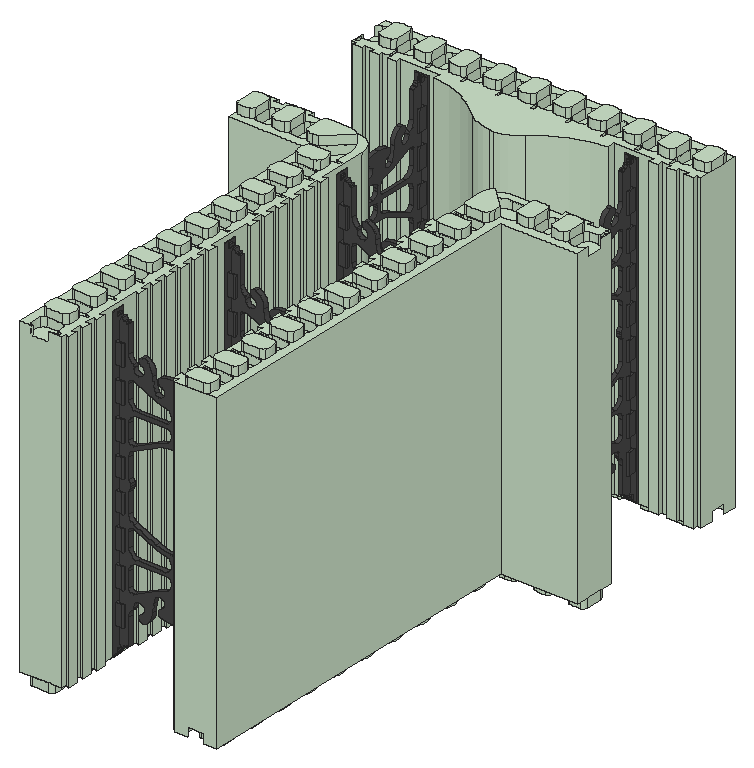
Revit family
Parameters (values of type "6-inch Long T Form Unit")
  URL = "www.nudura.com"
  Overall Form Thickness = 0' - 11 1/4"
  Model = "6-inch Long T Form Unit"
  Manufacturer = "NUDURA Corporation"
  Concrete Core Thickness = 0' - 6"
Reference planes (in)
  plane 1 "Center (Front/Back)": y = 0
  plane 2: z = 0
  plane 3 "Center (Left/Right)": x = 0
  plane 4: y = 3
  plane 5: y = -3
  plane 6: x = 3
  plane 7: x = -3
  plane 8: z = 18
Forms (in)
  Extrusion 1, solid, material "EPS- NUDURA- Foam Panel"
    sketch origin (0, 0, 0) x (1, 0, 0) y (0, 1, 0)
      loop
        line (10, 5.625) -> (-10, 5.625) -> (-10, 3.25) -> (-9.71883, 3.25) -> (-9.78117, 3) -> (-9.21883, 3) -> (-9.28117, 3.25) -> (-8.71883, 3.25) -> (-8.78117, 3) -> (-8.21883, 3) -> (-8.28117, 3.25) -> (-7.71883, 3.25) -> (-7.78117, 3) -> (-7.21883, 3) -> (-7.28117, 3.25) -> (-5, 3.25) -> (-5, 2.875)
        arc (-5, 2.875) -> (-3.12304, 2.37468) -> (-1.50918, 1.29358) r 5.91797
        arc (-1.50918, 1.29358) -> (-0.87575, 0.89086) -> (-0.13847, 0.75) r 2
        line (-0.13847, 0.75) -> (0.13847, 0.75)
        arc (0.13847, 0.75) -> (0.87575, 0.89086) -> (1.50918, 1.29358) r 2
        arc (1.50918, 1.29358) -> (3.12304, 2.37468) -> (5, 2.875) r 5.91797
        line (5, 2.875) -> (5, 3.25) -> (7.28117, 3.25) -> (7.21883, 3) -> (7.78117, 3) -> (7.71883, 3.25) -> (8.28117, 3.25) -> (8.21883, 3) -> (8.78117, 3) -> (8.71883, 3.25) -> (9.28117, 3.25) -> (9.21883, 3) -> (9.78117, 3) -> (9.71883, 3.25) -> (10, 3.25) -> (10, 5.625)
      loop
        line (-3.25, -25.99998) -> (-3.25, -25.71882) -> (-3, -25.78115) -> (-3, -25.21882) -> (-3.25, -25.28115) -> (-3.25, -24.71882) -> (-3, -24.78115) -> (-3, -24.21882) -> (-3.25, -24.28115) -> (-3.25, -23.71882) -> (-3, -23.78115) -> (-3, -23.21882) -> (-3.25, -23.28115) -> (-3.25, -20.71882) -> (-3, -20.78115) -> (-3, -20.21882) -> (-3.25, -20.28115) -> (-3.25, -19.71882) -> (-3, -19.78115) -> (-3, -19.21882) -> (-3.25, -19.28115) -> (-3.25, -18.71882) -> (-3, -18.78115) -> (-3, -18.21882) -> (-3.25, -18.28115) -> (-3.25, -17.71882) -> (-3, -17.78115) -> (-3, -17.21882) -> (-3.25, -17.28115) -> (-3.25, -16.71882) -> (-3, -16.78115) -> (-3, -16.21882) -> (-3.25, -16.28115) -> (-3.25, -15.71882) -> (-3, -15.78115) -> (-3, -15.21882) -> (-3.25, -15.28115) -> (-3.25, -12.71882) -> (-3, -12.78115) -> (-3, -12.21882) -> (-3.25, -12.28115) -> (-3.25, -11.71882) -> (-3, -11.78115) -> (-3, -11.21882) -> (-3.25, -11.28115) -> (-3.25, -10.71882) -> (-3, -10.78115) -> (-3, -10.21882) -> (-3.25, -10.28115) -> (-3.25, -9.71882) -> (-3, -9.78115) -> (-3, -9.21882) -> (-3.25, -9.28115) -> (-3.25, -8.71882) -> (-3, -8.78115) -> (-3, -8.21882) -> (-3.25, -8.28115) -> (-3.25, -7.71882) -> (-3, -7.78115) -> (-3, -7.21882) -> (-3.25, -7.28115) -> (-3.25, -4.49998)
        arc (-3.25, -4.49998) -> (-3.61612, -3.6161) -> (-4.5, -3.24998) r 1.25
        line (-4.5, -3.24998) -> (-7.28117, -3.24998) -> (-7.21883, -2.99998) -> (-7.78117, -2.99998) -> (-7.71883, -3.24998) -> (-8.28117, -3.24998) -> (-8.21883, -2.99998) -> (-8.78117, -2.99998) -> (-8.71883, -3.24998) -> (-9.28117, -3.24998) -> (-9.21883, -2.99998) -> (-9.78117, -2.99998) -> (-9.71883, -3.24998) -> (-10, -3.24998) -> (-10, -5.62498) -> (-5.625, -5.62498) -> (-5.625, -25.99998) -> (-3.25, -25.99998)
      loop
        line (3.25, -25.99998) -> (5.625, -25.99998) -> (5.625, -5.62498) -> (10, -5.62498) -> (10, -3.24998) -> (9.71883, -3.24998) -> (9.78117, -2.99998) -> (9.21883, -2.99998) -> (9.28117, -3.24998) -> (8.71883, -3.24998) -> (8.78117, -2.99998) -> (8.21883, -2.99998) -> (8.28117, -3.24998) -> (7.71883, -3.24998) -> (7.78117, -2.99998) -> (7.21883, -2.99998) -> (7.28117, -3.24998) -> (4.5, -3.24998)
        arc (4.5, -3.24998) -> (3.61612, -3.6161) -> (3.25, -4.49998) r 1.25
        line (3.25, -4.49998) -> (3.25, -7.28115) -> (3, -7.21882) -> (3, -7.78115) -> (3.25, -7.71882) -> (3.25, -8.28115) -> (3, -8.21882) -> (3, -8.78115) -> (3.25, -8.71882) -> (3.25, -9.28115) -> (3, -9.21882) -> (3, -9.78115) -> (3.25, -9.71882) -> (3.25, -10.28115) -> (3, -10.21882) -> (3, -10.78115) -> (3.25, -10.71882) -> (3.25, -11.28115) -> (3, -11.21882) -> (3, -11.78115) -> (3.25, -11.71882) -> (3.25, -12.28115) -> (3, -12.21882) -> (3, -12.78115) -> (3.25, -12.71882) -> (3.25, -15.28115) -> (3, -15.21882) -> (3, -15.78115) -> (3.25, -15.71882) -> (3.25, -16.28115) -> (3, -16.21882) -> (3, -16.78115) -> (3.25, -16.71882) -> (3.25, -17.28115) -> (3, -17.21882) -> (3, -17.78115) -> (3.25, -17.71882) -> (3.25, -18.28115) -> (3, -18.21882) -> (3, -18.78115) -> (3.25, -18.71882) -> (3.25, -19.28115) -> (3, -19.21882) -> (3, -19.78115) -> (3.25, -19.71882) -> (3.25, -20.28115) -> (3, -20.21882) -> (3, -20.78115) -> (3.25, -20.71882) -> (3.25, -23.28115) -> (3, -23.21882) -> (3, -23.78115) -> (3.25, -23.71882) -> (3.25, -24.28115) -> (3, -24.21882) -> (3, -24.78115) -> (3.25, -24.71882) -> (3.25, -25.28115) -> (3, -25.21882) -> (3, -25.78115) -> (3.25, -25.71882) -> (3.25, -25.99998)
    from 0 to 18
  Extrusion 2, void
    sketch origin (0, 0, 0) x (1, 0, 0) y (0, 1, 0)
      loop
        arc (-5.13595, -25.17306) -> (-5.1875, -25.49998) -> (-5.13595, -25.8269) r 1.0625
        arc (-5.13595, -25.8269) -> (-5.04517, -25.95213) -> (-4.89808, -25.99998) r 0.25
        line (-4.89808, -25.99998) -> (-3.97692, -25.99998)
        arc (-3.97692, -25.99998) -> (-3.88568, -25.98274) -> (-3.80702, -25.93338) r 0.25
        arc (-3.80702, -25.93338) -> (-3.78736, -25.92104) -> (-3.76455, -25.91673) r 0.0625
        line (-3.76455, -25.91673) -> (-3.41845, -25.91673) -> (-3.41845, -25.7459) -> (-3.64005, -25.7459)
        arc (-3.64005, -25.7459) -> (-3.68771, -25.72383) -> (-3.70172, -25.67321) r 0.0625
        arc (-3.70172, -25.67321) -> (-3.69045, -25.4209) -> (-3.73905, -25.17306) r 1.0625
        arc (-3.73905, -25.17306) -> (-3.82983, -25.04783) -> (-3.97692, -24.99998) r 0.25
        line (-3.97692, -24.99998) -> (-4.89808, -24.99998)
        arc (-4.89808, -24.99998) -> (-5.04517, -25.04783) -> (-5.13595, -25.17306) r 0.25
    from 18 to 17.5
  Extrusion 3, void
    sketch origin (0, 2, 0) x (1, 0, 0) y (0, 1, 0)
      loop
        arc (-5.13595, -25.17306) -> (-5.1875, -25.49998) -> (-5.13595, -25.8269) r 1.0625
        arc (-5.13595, -25.8269) -> (-5.04517, -25.95213) -> (-4.89808, -25.99998) r 0.25
        line (-4.89808, -25.99998) -> (-3.97692, -25.99998)
        arc (-3.97692, -25.99998) -> (-3.88568, -25.98274) -> (-3.80702, -25.93338) r 0.25
        arc (-3.80702, -25.93338) -> (-3.78736, -25.92104) -> (-3.76455, -25.91673) r 0.0625
        line (-3.76455, -25.91673) -> (-3.41845, -25.91673) -> (-3.41845, -25.7459) -> (-3.64005, -25.7459)
        arc (-3.64005, -25.7459) -> (-3.68771, -25.72383) -> (-3.70172, -25.67321) r 0.0625
        arc (-3.70172, -25.67321) -> (-3.69045, -25.4209) -> (-3.73905, -25.17306) r 1.0625
        arc (-3.73905, -25.17306) -> (-3.82983, -25.04783) -> (-3.97692, -24.99998) r 0.25
        line (-3.97692, -24.99998) -> (-4.89808, -24.99998)
        arc (-4.89808, -24.99998) -> (-5.04517, -25.04783) -> (-5.13595, -25.17306) r 0.25
    from 18 to 17.5
  Extrusion 4, void
    sketch origin (0, 4, 0) x (1, 0, 0) y (0, 1, 0)
      loop
        arc (-5.13595, -25.17306) -> (-5.1875, -25.49998) -> (-5.13595, -25.8269) r 1.0625
        arc (-5.13595, -25.8269) -> (-5.04517, -25.95213) -> (-4.89808, -25.99998) r 0.25
        line (-4.89808, -25.99998) -> (-3.97692, -25.99998)
        arc (-3.97692, -25.99998) -> (-3.88568, -25.98274) -> (-3.80702, -25.93338) r 0.25
        arc (-3.80702, -25.93338) -> (-3.78736, -25.92104) -> (-3.76455, -25.91673) r 0.0625
        line (-3.76455, -25.91673) -> (-3.41845, -25.91673) -> (-3.41845, -25.7459) -> (-3.64005, -25.7459)
        arc (-3.64005, -25.7459) -> (-3.68771, -25.72383) -> (-3.70172, -25.67321) r 0.0625
        arc (-3.70172, -25.67321) -> (-3.69045, -25.4209) -> (-3.73905, -25.17306) r 1.0625
        arc (-3.73905, -25.17306) -> (-3.82983, -25.04783) -> (-3.97692, -24.99998) r 0.25
        line (-3.97692, -24.99998) -> (-4.89808, -24.99998)
        arc (-4.89808, -24.99998) -> (-5.04517, -25.04783) -> (-5.13595, -25.17306) r 0.25
    from 18 to 17.5
  Extrusion 5, void
    sketch origin (0, 6, 0) x (1, 0, 0) y (0, 1, 0)
      loop
        arc (-5.13595, -25.17306) -> (-5.1875, -25.49998) -> (-5.13595, -25.8269) r 1.0625
        arc (-5.13595, -25.8269) -> (-5.04517, -25.95213) -> (-4.89808, -25.99998) r 0.25
        line (-4.89808, -25.99998) -> (-3.97692, -25.99998)
        arc (-3.97692, -25.99998) -> (-3.88568, -25.98274) -> (-3.80702, -25.93338) r 0.25
        arc (-3.80702, -25.93338) -> (-3.78736, -25.92104) -> (-3.76455, -25.91673) r 0.0625
        line (-3.76455, -25.91673) -> (-3.41845, -25.91673) -> (-3.41845, -25.7459) -> (-3.64005, -25.7459)
        arc (-3.64005, -25.7459) -> (-3.68771, -25.72383) -> (-3.70172, -25.67321) r 0.0625
        arc (-3.70172, -25.67321) -> (-3.69045, -25.4209) -> (-3.73905, -25.17306) r 1.0625
        arc (-3.73905, -25.17306) -> (-3.82983, -25.04783) -> (-3.97692, -24.99998) r 0.25
        line (-3.97692, -24.99998) -> (-4.89808, -24.99998)
        arc (-4.89808, -24.99998) -> (-5.04517, -25.04783) -> (-5.13595, -25.17306) r 0.25
    from 18 to 17.5
  Extrusion 6, void
    sketch origin (0, 8, 0) x (1, 0, 0) y (0, 1, 0)
      loop
        arc (-5.13595, -25.17306) -> (-5.1875, -25.49998) -> (-5.13595, -25.8269) r 1.0625
        arc (-5.13595, -25.8269) -> (-5.04517, -25.95213) -> (-4.89808, -25.99998) r 0.25
        line (-4.89808, -25.99998) -> (-3.97692, -25.99998)
        arc (-3.97692, -25.99998) -> (-3.88568, -25.98274) -> (-3.80702, -25.93338) r 0.25
        arc (-3.80702, -25.93338) -> (-3.78736, -25.92104) -> (-3.76455, -25.91673) r 0.0625
        line (-3.76455, -25.91673) -> (-3.41845, -25.91673) -> (-3.41845, -25.7459) -> (-3.64005, -25.7459)
        arc (-3.64005, -25.7459) -> (-3.68771, -25.72383) -> (-3.70172, -25.67321) r 0.0625
        arc (-3.70172, -25.67321) -> (-3.69045, -25.4209) -> (-3.73905, -25.17306) r 1.0625
        arc (-3.73905, -25.17306) -> (-3.82983, -25.04783) -> (-3.97692, -24.99998) r 0.25
        line (-3.97692, -24.99998) -> (-4.89808, -24.99998)
        arc (-4.89808, -24.99998) -> (-5.04517, -25.04783) -> (-5.13595, -25.17306) r 0.25
    from 18 to 17.5
  Extrusion 7, void
    sketch origin (0, 10, 0) x (1, 0, 0) y (0, 1, 0)
      loop
        arc (-5.13595, -25.17306) -> (-5.1875, -25.49998) -> (-5.13595, -25.8269) r 1.0625
        arc (-5.13595, -25.8269) -> (-5.04517, -25.95213) -> (-4.89808, -25.99998) r 0.25
        line (-4.89808, -25.99998) -> (-3.97692, -25.99998)
        arc (-3.97692, -25.99998) -> (-3.88568, -25.98274) -> (-3.80702, -25.93338) r 0.25
        arc (-3.80702, -25.93338) -> (-3.78736, -25.92104) -> (-3.76455, -25.91673) r 0.0625
        line (-3.76455, -25.91673) -> (-3.41845, -25.91673) -> (-3.41845, -25.7459) -> (-3.64005, -25.7459)
        arc (-3.64005, -25.7459) -> (-3.68771, -25.72383) -> (-3.70172, -25.67321) r 0.0625
        arc (-3.70172, -25.67321) -> (-3.69045, -25.4209) -> (-3.73905, -25.17306) r 1.0625
        arc (-3.73905, -25.17306) -> (-3.82983, -25.04783) -> (-3.97692, -24.99998) r 0.25
        line (-3.97692, -24.99998) -> (-4.89808, -24.99998)
        arc (-4.89808, -24.99998) -> (-5.04517, -25.04783) -> (-5.13595, -25.17306) r 0.25
    from 18 to 17.5
  Extrusion 8, void
    sketch origin (0, 12, 0) x (1, 0, 0) y (0, 1, 0)
      loop
        arc (-5.13595, -25.17306) -> (-5.1875, -25.49998) -> (-5.13595, -25.8269) r 1.0625
        arc (-5.13595, -25.8269) -> (-5.04517, -25.95213) -> (-4.89808, -25.99998) r 0.25
        line (-4.89808, -25.99998) -> (-3.97692, -25.99998)
        arc (-3.97692, -25.99998) -> (-3.88568, -25.98274) -> (-3.80702, -25.93338) r 0.25
        arc (-3.80702, -25.93338) -> (-3.78736, -25.92104) -> (-3.76455, -25.91673) r 0.0625
        line (-3.76455, -25.91673) -> (-3.41845, -25.91673) -> (-3.41845, -25.7459) -> (-3.64005, -25.7459)
        arc (-3.64005, -25.7459) -> (-3.68771, -25.72383) -> (-3.70172, -25.67321) r 0.0625
        arc (-3.70172, -25.67321) -> (-3.69045, -25.4209) -> (-3.73905, -25.17306) r 1.0625
        arc (-3.73905, -25.17306) -> (-3.82983, -25.04783) -> (-3.97692, -24.99998) r 0.25
        line (-3.97692, -24.99998) -> (-4.89808, -24.99998)
        arc (-4.89808, -24.99998) -> (-5.04517, -25.04783) -> (-5.13595, -25.17306) r 0.25
    from 18 to 17.5
  Extrusion 9, void
    sketch origin (0, 14, 0) x (1, 0, 0) y (0, 1, 0)
      loop
        arc (-5.13595, -25.17306) -> (-5.1875, -25.49998) -> (-5.13595, -25.8269) r 1.0625
        arc (-5.13595, -25.8269) -> (-5.04517, -25.95213) -> (-4.89808, -25.99998) r 0.25
        line (-4.89808, -25.99998) -> (-3.97692, -25.99998)
        arc (-3.97692, -25.99998) -> (-3.88568, -25.98274) -> (-3.80702, -25.93338) r 0.25
        arc (-3.80702, -25.93338) -> (-3.78736, -25.92104) -> (-3.76455, -25.91673) r 0.0625
        line (-3.76455, -25.91673) -> (-3.41845, -25.91673) -> (-3.41845, -25.7459) -> (-3.64005, -25.7459)
        arc (-3.64005, -25.7459) -> (-3.68771, -25.72383) -> (-3.70172, -25.67321) r 0.0625
        arc (-3.70172, -25.67321) -> (-3.69045, -25.4209) -> (-3.73905, -25.17306) r 1.0625
        arc (-3.73905, -25.17306) -> (-3.82983, -25.04783) -> (-3.97692, -24.99998) r 0.25
        line (-3.97692, -24.99998) -> (-4.89808, -24.99998)
        arc (-4.89808, -24.99998) -> (-5.04517, -25.04783) -> (-5.13595, -25.17306) r 0.25
    from 18 to 17.5
  Extrusion 10, void
    sketch origin (0, 16, 0) x (1, 0, 0) y (0, 1, 0)
      loop
        arc (-5.13595, -25.17306) -> (-5.1875, -25.49998) -> (-5.13595, -25.8269) r 1.0625
        arc (-5.13595, -25.8269) -> (-5.04517, -25.95213) -> (-4.89808, -25.99998) r 0.25
        line (-4.89808, -25.99998) -> (-3.97692, -25.99998)
        arc (-3.97692, -25.99998) -> (-3.88568, -25.98274) -> (-3.80702, -25.93338) r 0.25
        arc (-3.80702, -25.93338) -> (-3.78736, -25.92104) -> (-3.76455, -25.91673) r 0.0625
        line (-3.76455, -25.91673) -> (-3.41845, -25.91673) -> (-3.41845, -25.7459) -> (-3.64005, -25.7459)
        arc (-3.64005, -25.7459) -> (-3.68771, -25.72383) -> (-3.70172, -25.67321) r 0.0625
        arc (-3.70172, -25.67321) -> (-3.69045, -25.4209) -> (-3.73905, -25.17306) r 1.0625
        arc (-3.73905, -25.17306) -> (-3.82983, -25.04783) -> (-3.97692, -24.99998) r 0.25
        line (-3.97692, -24.99998) -> (-4.89808, -24.99998)
        arc (-4.89808, -24.99998) -> (-5.04517, -25.04783) -> (-5.13595, -25.17306) r 0.25
    from 18 to 17.5
  Extrusion 11, void
    sketch origin (0, 18, 0) x (1, 0, 0) y (0, 1, 0)
      loop
        arc (-5.13595, -25.17306) -> (-5.1875, -25.49998) -> (-5.13595, -25.8269) r 1.0625
        arc (-5.13595, -25.8269) -> (-5.04517, -25.95213) -> (-4.89808, -25.99998) r 0.25
        line (-4.89808, -25.99998) -> (-3.97692, -25.99998)
        arc (-3.97692, -25.99998) -> (-3.88568, -25.98274) -> (-3.80702, -25.93338) r 0.25
        arc (-3.80702, -25.93338) -> (-3.78736, -25.92104) -> (-3.76455, -25.91673) r 0.0625
        line (-3.76455, -25.91673) -> (-3.41845, -25.91673) -> (-3.41845, -25.7459) -> (-3.64005, -25.7459)
        arc (-3.64005, -25.7459) -> (-3.68771, -25.72383) -> (-3.70172, -25.67321) r 0.0625
        arc (-3.70172, -25.67321) -> (-3.69045, -25.4209) -> (-3.73905, -25.17306) r 1.0625
        arc (-3.73905, -25.17306) -> (-3.82983, -25.04783) -> (-3.97692, -24.99998) r 0.25
        line (-3.97692, -24.99998) -> (-4.89808, -24.99998)
        arc (-4.89808, -24.99998) -> (-5.04517, -25.04783) -> (-5.13595, -25.17306) r 0.25
    from 18 to 17.5
  Extrusion 12, void
    sketch origin (0, 0, 0) x (1, 0, 0) y (0, 1, 0)
      loop
        line (-5.1875, -5.18748) -> (-5.1875, -5.49998)
        arc (-5.1875, -5.49998) -> (-5.17453, -5.66546) -> (-5.13595, -5.8269) r 1.0625
        arc (-5.13595, -5.8269) -> (-5.04517, -5.95213) -> (-4.89808, -5.99998) r 0.25
        line (-4.89808, -5.99998) -> (-3.97692, -5.99998)
        arc (-3.97692, -5.99998) -> (-3.88568, -5.98274) -> (-3.80702, -5.93338) r 0.25
        arc (-3.80702, -5.93338) -> (-3.78736, -5.92104) -> (-3.76455, -5.91673) r 0.0625
        line (-3.76455, -5.91673) -> (-3.41845, -5.91673) -> (-3.41845, -5.7459) -> (-3.64005, -5.7459)
        arc (-3.64005, -5.7459) -> (-3.68771, -5.72383) -> (-3.70172, -5.67321) r 0.0625
        arc (-3.70172, -5.67321) -> (-3.69106, -5.58689) -> (-3.6875, -5.49998) r 1.0625
        line (-3.6875, -5.49998) -> (-3.6875, -4.68748)
        arc (-3.6875, -4.68748) -> (-3.76362, -4.3048) -> (-3.98039, -3.98037) r 1
        line (-3.98039, -3.98037) -> (-5.1875, -5.18748)
    from 18 to 17.5
  Extrusion 13, void
    sketch origin (-31.99998, 0.00002, 0) x (0, 1, 0) y (-1, 0, 0)
      loop
        arc (-5.13595, -25.17306) -> (-5.1875, -25.49998) -> (-5.13595, -25.8269) r 1.0625
        arc (-5.13595, -25.8269) -> (-5.04517, -25.95213) -> (-4.89808, -25.99998) r 0.25
        line (-4.89808, -25.99998) -> (-3.97692, -25.99998)
        arc (-3.97692, -25.99998) -> (-3.88568, -25.98274) -> (-3.80702, -25.93338) r 0.25
        arc (-3.80702, -25.93338) -> (-3.78736, -25.92104) -> (-3.76455, -25.91673) r 0.0625
        line (-3.76455, -25.91673) -> (-3.41845, -25.91673) -> (-3.41845, -25.7459) -> (-3.64005, -25.7459)
        arc (-3.64005, -25.7459) -> (-3.68771, -25.72383) -> (-3.70172, -25.67321) r 0.0625
        arc (-3.70172, -25.67321) -> (-3.69045, -25.4209) -> (-3.73905, -25.17306) r 1.0625
        arc (-3.73905, -25.17306) -> (-3.82983, -25.04783) -> (-3.97692, -24.99998) r 0.25
        line (-3.97692, -24.99998) -> (-4.89808, -24.99998)
        arc (-4.89808, -24.99998) -> (-5.04517, -25.04783) -> (-5.13595, -25.17306) r 0.25
    from 18 to 17.5
  Extrusion 14, void
    sketch origin (-33.99998, 0.00002, 0) x (0, 1, 0) y (-1, 0, 0)
      loop
        arc (-5.13595, -25.17306) -> (-5.1875, -25.49998) -> (-5.13595, -25.8269) r 1.0625
        arc (-5.13595, -25.8269) -> (-5.04517, -25.95213) -> (-4.89808, -25.99998) r 0.25
        line (-4.89808, -25.99998) -> (-3.97692, -25.99998)
        arc (-3.97692, -25.99998) -> (-3.88568, -25.98274) -> (-3.80702, -25.93338) r 0.25
        arc (-3.80702, -25.93338) -> (-3.78736, -25.92104) -> (-3.76455, -25.91673) r 0.0625
        line (-3.76455, -25.91673) -> (-3.41845, -25.91673) -> (-3.41845, -25.7459) -> (-3.64005, -25.7459)
        arc (-3.64005, -25.7459) -> (-3.68771, -25.72383) -> (-3.70172, -25.67321) r 0.0625
        arc (-3.70172, -25.67321) -> (-3.69045, -25.4209) -> (-3.73905, -25.17306) r 1.0625
        arc (-3.73905, -25.17306) -> (-3.82983, -25.04783) -> (-3.97692, -24.99998) r 0.25
        line (-3.97692, -24.99998) -> (-4.89808, -24.99998)
        arc (-4.89808, -24.99998) -> (-5.04517, -25.04783) -> (-5.13595, -25.17306) r 0.25
    from 18 to 17.5
  Extrusion 15, void
    sketch origin (0, -49.99996, 0) x (1, 0, 0) y (0, 1, 0)
      loop
        arc (-5.13595, 25.17306) -> (-5.04517, 25.04783) -> (-4.89808, 24.99998) r 0.25
        line (-4.89808, 24.99998) -> (-3.97692, 24.99998)
        arc (-3.97692, 24.99998) -> (-3.82983, 25.04783) -> (-3.73905, 25.17306) r 0.25
        arc (-3.73905, 25.17306) -> (-3.69045, 25.4209) -> (-3.70172, 25.67321) r 1.0625
        arc (-3.70172, 25.67321) -> (-3.68771, 25.72383) -> (-3.64005, 25.7459) r 0.0625
        line (-3.64005, 25.7459) -> (-3.41845, 25.7459) -> (-3.41845, 25.91673) -> (-3.76455, 25.91673)
        arc (-3.76455, 25.91673) -> (-3.78736, 25.92104) -> (-3.80702, 25.93338) r 0.0625
        arc (-3.80702, 25.93338) -> (-3.88568, 25.98274) -> (-3.97692, 25.99998) r 0.25
        line (-3.97692, 25.99998) -> (-4.89808, 25.99998)
        arc (-4.89808, 25.99998) -> (-5.04517, 25.95213) -> (-5.13595, 25.8269) r 0.25
        arc (-5.13595, 25.8269) -> (-5.1875, 25.49998) -> (-5.13595, 25.17306) r 1.0625
    from 0 to 0.5
  Extrusion 16, void
    sketch origin (0, -47.99996, 0) x (1, 0, 0) y (0, 1, 0)
      loop
        arc (-5.13595, 25.17306) -> (-5.04517, 25.04783) -> (-4.89808, 24.99998) r 0.25
        line (-4.89808, 24.99998) -> (-3.97692, 24.99998)
        arc (-3.97692, 24.99998) -> (-3.82983, 25.04783) -> (-3.73905, 25.17306) r 0.25
        arc (-3.73905, 25.17306) -> (-3.69045, 25.4209) -> (-3.70172, 25.67321) r 1.0625
        arc (-3.70172, 25.67321) -> (-3.68771, 25.72383) -> (-3.64005, 25.7459) r 0.0625
        line (-3.64005, 25.7459) -> (-3.41845, 25.7459) -> (-3.41845, 25.91673) -> (-3.76455, 25.91673)
        arc (-3.76455, 25.91673) -> (-3.78736, 25.92104) -> (-3.80702, 25.93338) r 0.0625
        arc (-3.80702, 25.93338) -> (-3.88568, 25.98274) -> (-3.97692, 25.99998) r 0.25
        line (-3.97692, 25.99998) -> (-4.89808, 25.99998)
        arc (-4.89808, 25.99998) -> (-5.04517, 25.95213) -> (-5.13595, 25.8269) r 0.25
        arc (-5.13595, 25.8269) -> (-5.1875, 25.49998) -> (-5.13595, 25.17306) r 1.0625
    from 0 to 0.5
  Extrusion 17, void
    sketch origin (0, -45.99996, 0) x (1, 0, 0) y (0, 1, 0)
      loop
        arc (-5.13595, 25.17306) -> (-5.04517, 25.04783) -> (-4.89808, 24.99998) r 0.25
        line (-4.89808, 24.99998) -> (-3.97692, 24.99998)
        arc (-3.97692, 24.99998) -> (-3.82983, 25.04783) -> (-3.73905, 25.17306) r 0.25
        arc (-3.73905, 25.17306) -> (-3.69045, 25.4209) -> (-3.70172, 25.67321) r 1.0625
        arc (-3.70172, 25.67321) -> (-3.68771, 25.72383) -> (-3.64005, 25.7459) r 0.0625
        line (-3.64005, 25.7459) -> (-3.41845, 25.7459) -> (-3.41845, 25.91673) -> (-3.76455, 25.91673)
        arc (-3.76455, 25.91673) -> (-3.78736, 25.92104) -> (-3.80702, 25.93338) r 0.0625
        arc (-3.80702, 25.93338) -> (-3.88568, 25.98274) -> (-3.97692, 25.99998) r 0.25
        line (-3.97692, 25.99998) -> (-4.89808, 25.99998)
        arc (-4.89808, 25.99998) -> (-5.04517, 25.95213) -> (-5.13595, 25.8269) r 0.25
        arc (-5.13595, 25.8269) -> (-5.1875, 25.49998) -> (-5.13595, 25.17306) r 1.0625
    from 0 to 0.5
  Extrusion 18, void
    sketch origin (0, -43.99996, 0) x (1, 0, 0) y (0, 1, 0)
      loop
        arc (-5.13595, 25.17306) -> (-5.04517, 25.04783) -> (-4.89808, 24.99998) r 0.25
        line (-4.89808, 24.99998) -> (-3.97692, 24.99998)
        arc (-3.97692, 24.99998) -> (-3.82983, 25.04783) -> (-3.73905, 25.17306) r 0.25
        arc (-3.73905, 25.17306) -> (-3.69045, 25.4209) -> (-3.70172, 25.67321) r 1.0625
        arc (-3.70172, 25.67321) -> (-3.68771, 25.72383) -> (-3.64005, 25.7459) r 0.0625
        line (-3.64005, 25.7459) -> (-3.41845, 25.7459) -> (-3.41845, 25.91673) -> (-3.76455, 25.91673)
        arc (-3.76455, 25.91673) -> (-3.78736, 25.92104) -> (-3.80702, 25.93338) r 0.0625
        arc (-3.80702, 25.93338) -> (-3.88568, 25.98274) -> (-3.97692, 25.99998) r 0.25
        line (-3.97692, 25.99998) -> (-4.89808, 25.99998)
        arc (-4.89808, 25.99998) -> (-5.04517, 25.95213) -> (-5.13595, 25.8269) r 0.25
        arc (-5.13595, 25.8269) -> (-5.1875, 25.49998) -> (-5.13595, 25.17306) r 1.0625
    from 0 to 0.5
  Extrusion 19, void
    sketch origin (0, -41.99996, 0) x (1, 0, 0) y (0, 1, 0)
      loop
        arc (-5.13595, 25.17306) -> (-5.04517, 25.04783) -> (-4.89808, 24.99998) r 0.25
        line (-4.89808, 24.99998) -> (-3.97692, 24.99998)
        arc (-3.97692, 24.99998) -> (-3.82983, 25.04783) -> (-3.73905, 25.17306) r 0.25
        arc (-3.73905, 25.17306) -> (-3.69045, 25.4209) -> (-3.70172, 25.67321) r 1.0625
        arc (-3.70172, 25.67321) -> (-3.68771, 25.72383) -> (-3.64005, 25.7459) r 0.0625
        line (-3.64005, 25.7459) -> (-3.41845, 25.7459) -> (-3.41845, 25.91673) -> (-3.76455, 25.91673)
        arc (-3.76455, 25.91673) -> (-3.78736, 25.92104) -> (-3.80702, 25.93338) r 0.0625
        arc (-3.80702, 25.93338) -> (-3.88568, 25.98274) -> (-3.97692, 25.99998) r 0.25
        line (-3.97692, 25.99998) -> (-4.89808, 25.99998)
        arc (-4.89808, 25.99998) -> (-5.04517, 25.95213) -> (-5.13595, 25.8269) r 0.25
        arc (-5.13595, 25.8269) -> (-5.1875, 25.49998) -> (-5.13595, 25.17306) r 1.0625
    from 0 to 0.5
  Extrusion 20, void
    sketch origin (0, -39.99996, 0) x (1, 0, 0) y (0, 1, 0)
      loop
        arc (-5.13595, 25.17306) -> (-5.04517, 25.04783) -> (-4.89808, 24.99998) r 0.25
        line (-4.89808, 24.99998) -> (-3.97692, 24.99998)
        arc (-3.97692, 24.99998) -> (-3.82983, 25.04783) -> (-3.73905, 25.17306) r 0.25
        arc (-3.73905, 25.17306) -> (-3.69045, 25.4209) -> (-3.70172, 25.67321) r 1.0625
        arc (-3.70172, 25.67321) -> (-3.68771, 25.72383) -> (-3.64005, 25.7459) r 0.0625
        line (-3.64005, 25.7459) -> (-3.41845, 25.7459) -> (-3.41845, 25.91673) -> (-3.76455, 25.91673)
        arc (-3.76455, 25.91673) -> (-3.78736, 25.92104) -> (-3.80702, 25.93338) r 0.0625
        arc (-3.80702, 25.93338) -> (-3.88568, 25.98274) -> (-3.97692, 25.99998) r 0.25
        line (-3.97692, 25.99998) -> (-4.89808, 25.99998)
        arc (-4.89808, 25.99998) -> (-5.04517, 25.95213) -> (-5.13595, 25.8269) r 0.25
        arc (-5.13595, 25.8269) -> (-5.1875, 25.49998) -> (-5.13595, 25.17306) r 1.0625
    from 0 to 0.5
  Extrusion 21, void
    sketch origin (0, -37.99996, 0) x (1, 0, 0) y (0, 1, 0)
      loop
        arc (-5.13595, 25.17306) -> (-5.04517, 25.04783) -> (-4.89808, 24.99998) r 0.25
        line (-4.89808, 24.99998) -> (-3.97692, 24.99998)
        arc (-3.97692, 24.99998) -> (-3.82983, 25.04783) -> (-3.73905, 25.17306) r 0.25
        arc (-3.73905, 25.17306) -> (-3.69045, 25.4209) -> (-3.70172, 25.67321) r 1.0625
        arc (-3.70172, 25.67321) -> (-3.68771, 25.72383) -> (-3.64005, 25.7459) r 0.0625
        line (-3.64005, 25.7459) -> (-3.41845, 25.7459) -> (-3.41845, 25.91673) -> (-3.76455, 25.91673)
        arc (-3.76455, 25.91673) -> (-3.78736, 25.92104) -> (-3.80702, 25.93338) r 0.0625
        arc (-3.80702, 25.93338) -> (-3.88568, 25.98274) -> (-3.97692, 25.99998) r 0.25
        line (-3.97692, 25.99998) -> (-4.89808, 25.99998)
        arc (-4.89808, 25.99998) -> (-5.04517, 25.95213) -> (-5.13595, 25.8269) r 0.25
        arc (-5.13595, 25.8269) -> (-5.1875, 25.49998) -> (-5.13595, 25.17306) r 1.0625
    from 0 to 0.5
  Extrusion 22, void
    sketch origin (0, -35.99996, 0) x (1, 0, 0) y (0, 1, 0)
      loop
        arc (-5.13595, 25.17306) -> (-5.04517, 25.04783) -> (-4.89808, 24.99998) r 0.25
        line (-4.89808, 24.99998) -> (-3.97692, 24.99998)
        arc (-3.97692, 24.99998) -> (-3.82983, 25.04783) -> (-3.73905, 25.17306) r 0.25
        arc (-3.73905, 25.17306) -> (-3.69045, 25.4209) -> (-3.70172, 25.67321) r 1.0625
        arc (-3.70172, 25.67321) -> (-3.68771, 25.72383) -> (-3.64005, 25.7459) r 0.0625
        line (-3.64005, 25.7459) -> (-3.41845, 25.7459) -> (-3.41845, 25.91673) -> (-3.76455, 25.91673)
        arc (-3.76455, 25.91673) -> (-3.78736, 25.92104) -> (-3.80702, 25.93338) r 0.0625
        arc (-3.80702, 25.93338) -> (-3.88568, 25.98274) -> (-3.97692, 25.99998) r 0.25
        line (-3.97692, 25.99998) -> (-4.89808, 25.99998)
        arc (-4.89808, 25.99998) -> (-5.04517, 25.95213) -> (-5.13595, 25.8269) r 0.25
        arc (-5.13595, 25.8269) -> (-5.1875, 25.49998) -> (-5.13595, 25.17306) r 1.0625
    from 0 to 0.5
  Extrusion 23, void
    sketch origin (0, -33.99996, 0) x (1, 0, 0) y (0, 1, 0)
      loop
        arc (-5.13595, 25.17306) -> (-5.04517, 25.04783) -> (-4.89808, 24.99998) r 0.25
        line (-4.89808, 24.99998) -> (-3.97692, 24.99998)
        arc (-3.97692, 24.99998) -> (-3.82983, 25.04783) -> (-3.73905, 25.17306) r 0.25
        arc (-3.73905, 25.17306) -> (-3.69045, 25.4209) -> (-3.70172, 25.67321) r 1.0625
        arc (-3.70172, 25.67321) -> (-3.68771, 25.72383) -> (-3.64005, 25.7459) r 0.0625
        line (-3.64005, 25.7459) -> (-3.41845, 25.7459) -> (-3.41845, 25.91673) -> (-3.76455, 25.91673)
        arc (-3.76455, 25.91673) -> (-3.78736, 25.92104) -> (-3.80702, 25.93338) r 0.0625
        arc (-3.80702, 25.93338) -> (-3.88568, 25.98274) -> (-3.97692, 25.99998) r 0.25
        line (-3.97692, 25.99998) -> (-4.89808, 25.99998)
        arc (-4.89808, 25.99998) -> (-5.04517, 25.95213) -> (-5.13595, 25.8269) r 0.25
        arc (-5.13595, 25.8269) -> (-5.1875, 25.49998) -> (-5.13595, 25.17306) r 1.0625
    from 0 to 0.5
  Extrusion 24, void
    sketch origin (0, -31.99996, 0) x (1, 0, 0) y (0, 1, 0)
      loop
        arc (-5.13595, 25.17306) -> (-5.04517, 25.04783) -> (-4.89808, 24.99998) r 0.25
        line (-4.89808, 24.99998) -> (-3.97692, 24.99998)
        arc (-3.97692, 24.99998) -> (-3.82983, 25.04783) -> (-3.73905, 25.17306) r 0.25
        arc (-3.73905, 25.17306) -> (-3.69045, 25.4209) -> (-3.70172, 25.67321) r 1.0625
        arc (-3.70172, 25.67321) -> (-3.68771, 25.72383) -> (-3.64005, 25.7459) r 0.0625
        line (-3.64005, 25.7459) -> (-3.41845, 25.7459) -> (-3.41845, 25.91673) -> (-3.76455, 25.91673)
        arc (-3.76455, 25.91673) -> (-3.78736, 25.92104) -> (-3.80702, 25.93338) r 0.0625
        arc (-3.80702, 25.93338) -> (-3.88568, 25.98274) -> (-3.97692, 25.99998) r 0.25
        line (-3.97692, 25.99998) -> (-4.89808, 25.99998)
        arc (-4.89808, 25.99998) -> (-5.04517, 25.95213) -> (-5.13595, 25.8269) r 0.25
        arc (-5.13595, 25.8269) -> (-5.1875, 25.49998) -> (-5.13595, 25.17306) r 1.0625
    from 0 to 0.5
  Extrusion 25, void
    sketch origin (-0.00002, 0.00002, 0) x (0, 1, 0) y (-1, 0, 0)
      loop
        line (-5.1875, 5.18748) -> (-3.98039, 3.98037)
        arc (-3.98039, 3.98037) -> (-3.76362, 4.3048) -> (-3.6875, 4.68748) r 1
        line (-3.6875, 4.68748) -> (-3.6875, 5.49998)
        arc (-3.6875, 5.49998) -> (-3.69106, 5.58689) -> (-3.70172, 5.67321) r 1.0625
        arc (-3.70172, 5.67321) -> (-3.68771, 5.72383) -> (-3.64005, 5.7459) r 0.0625
        line (-3.64005, 5.7459) -> (-3.41845, 5.7459) -> (-3.41845, 5.91673) -> (-3.76455, 5.91673)
        arc (-3.76455, 5.91673) -> (-3.78736, 5.92104) -> (-3.80702, 5.93338) r 0.0625
        arc (-3.80702, 5.93338) -> (-3.88568, 5.98274) -> (-3.97692, 5.99998) r 0.25
        line (-3.97692, 5.99998) -> (-4.89808, 5.99998)
        arc (-4.89808, 5.99998) -> (-5.04517, 5.95213) -> (-5.13595, 5.8269) r 0.25
        arc (-5.13595, 5.8269) -> (-5.17453, 5.66546) -> (-5.1875, 5.49998) r 1.0625
        line (-5.1875, 5.49998) -> (-5.1875, 5.18748)
    from 0 to 0.5
  Extrusion 26, void
    sketch origin (17.99998, 0.00002, 0) x (0, 1, 0) y (-1, 0, 0)
      loop
        arc (-5.13595, 25.17306) -> (-5.04517, 25.04783) -> (-4.89808, 24.99998) r 0.25
        line (-4.89808, 24.99998) -> (-3.97692, 24.99998)
        arc (-3.97692, 24.99998) -> (-3.82983, 25.04783) -> (-3.73905, 25.17306) r 0.25
        arc (-3.73905, 25.17306) -> (-3.69045, 25.4209) -> (-3.70172, 25.67321) r 1.0625
        arc (-3.70172, 25.67321) -> (-3.68771, 25.72383) -> (-3.64005, 25.7459) r 0.0625
        line (-3.64005, 25.7459) -> (-3.41845, 25.7459) -> (-3.41845, 25.91673) -> (-3.76455, 25.91673)
        arc (-3.76455, 25.91673) -> (-3.78736, 25.92104) -> (-3.80702, 25.93338) r 0.0625
        arc (-3.80702, 25.93338) -> (-3.88568, 25.98274) -> (-3.97692, 25.99998) r 0.25
        line (-3.97692, 25.99998) -> (-4.89808, 25.99998)
        arc (-4.89808, 25.99998) -> (-5.04517, 25.95213) -> (-5.13595, 25.8269) r 0.25
        arc (-5.13595, 25.8269) -> (-5.1875, 25.49998) -> (-5.13595, 25.17306) r 1.0625
    from 0 to 0.5
  Extrusion 27, void
    sketch origin (15.99998, 0.00002, 0) x (0, 1, 0) y (-1, 0, 0)
      loop
        arc (-5.13595, 25.17306) -> (-5.04517, 25.04783) -> (-4.89808, 24.99998) r 0.25
        line (-4.89808, 24.99998) -> (-3.97692, 24.99998)
        arc (-3.97692, 24.99998) -> (-3.82983, 25.04783) -> (-3.73905, 25.17306) r 0.25
        arc (-3.73905, 25.17306) -> (-3.69045, 25.4209) -> (-3.70172, 25.67321) r 1.0625
        arc (-3.70172, 25.67321) -> (-3.68771, 25.72383) -> (-3.64005, 25.7459) r 0.0625
        line (-3.64005, 25.7459) -> (-3.41845, 25.7459) -> (-3.41845, 25.91673) -> (-3.76455, 25.91673)
        arc (-3.76455, 25.91673) -> (-3.78736, 25.92104) -> (-3.80702, 25.93338) r 0.0625
        arc (-3.80702, 25.93338) -> (-3.88568, 25.98274) -> (-3.97692, 25.99998) r 0.25
        line (-3.97692, 25.99998) -> (-4.89808, 25.99998)
        arc (-4.89808, 25.99998) -> (-5.04517, 25.95213) -> (-5.13595, 25.8269) r 0.25
        arc (-5.13595, 25.8269) -> (-5.1875, 25.49998) -> (-5.13595, 25.17306) r 1.0625
    from 0 to 0.5
  Extrusion 28, void
    sketch origin (0, -49.99996, 0) x (-1, 0, 0) y (0, -1, 0)
      loop
        arc (-5.13595, -25.17306) -> (-5.1875, -25.49998) -> (-5.13595, -25.8269) r 1.0625
        arc (-5.13595, -25.8269) -> (-5.04517, -25.95213) -> (-4.89808, -25.99998) r 0.25
        line (-4.89808, -25.99998) -> (-3.97692, -25.99998)
        arc (-3.97692, -25.99998) -> (-3.88568, -25.98274) -> (-3.80702, -25.93338) r 0.25
        arc (-3.80702, -25.93338) -> (-3.78736, -25.92104) -> (-3.76455, -25.91673) r 0.0625
        line (-3.76455, -25.91673) -> (-3.41845, -25.91673) -> (-3.41845, -25.7459) -> (-3.64005, -25.7459)
        arc (-3.64005, -25.7459) -> (-3.68771, -25.72383) -> (-3.70172, -25.67321) r 0.0625
        arc (-3.70172, -25.67321) -> (-3.69045, -25.4209) -> (-3.73905, -25.17306) r 1.0625
        arc (-3.73905, -25.17306) -> (-3.82983, -25.04783) -> (-3.97692, -24.99998) r 0.25
        line (-3.97692, -24.99998) -> (-4.89808, -24.99998)
        arc (-4.89808, -24.99998) -> (-5.04517, -25.04783) -> (-5.13595, -25.17306) r 0.25
    from 18 to 17.5
  Extrusion 29, void
    sketch origin (0, -47.99996, 0) x (-1, 0, 0) y (0, -1, 0)
      loop
        arc (-5.13595, -25.17306) -> (-5.1875, -25.49998) -> (-5.13595, -25.8269) r 1.0625
        arc (-5.13595, -25.8269) -> (-5.04517, -25.95213) -> (-4.89808, -25.99998) r 0.25
        line (-4.89808, -25.99998) -> (-3.97692, -25.99998)
        arc (-3.97692, -25.99998) -> (-3.88568, -25.98274) -> (-3.80702, -25.93338) r 0.25
        arc (-3.80702, -25.93338) -> (-3.78736, -25.92104) -> (-3.76455, -25.91673) r 0.0625
        line (-3.76455, -25.91673) -> (-3.41845, -25.91673) -> (-3.41845, -25.7459) -> (-3.64005, -25.7459)
        arc (-3.64005, -25.7459) -> (-3.68771, -25.72383) -> (-3.70172, -25.67321) r 0.0625
        arc (-3.70172, -25.67321) -> (-3.69045, -25.4209) -> (-3.73905, -25.17306) r 1.0625
        arc (-3.73905, -25.17306) -> (-3.82983, -25.04783) -> (-3.97692, -24.99998) r 0.25
        line (-3.97692, -24.99998) -> (-4.89808, -24.99998)
        arc (-4.89808, -24.99998) -> (-5.04517, -25.04783) -> (-5.13595, -25.17306) r 0.25
    from 18 to 17.5
  Extrusion 30, void
    sketch origin (0, -45.99996, 0) x (-1, 0, 0) y (0, -1, 0)
      loop
        arc (-5.13595, -25.17306) -> (-5.1875, -25.49998) -> (-5.13595, -25.8269) r 1.0625
        arc (-5.13595, -25.8269) -> (-5.04517, -25.95213) -> (-4.89808, -25.99998) r 0.25
        line (-4.89808, -25.99998) -> (-3.97692, -25.99998)
        arc (-3.97692, -25.99998) -> (-3.88568, -25.98274) -> (-3.80702, -25.93338) r 0.25
        arc (-3.80702, -25.93338) -> (-3.78736, -25.92104) -> (-3.76455, -25.91673) r 0.0625
        line (-3.76455, -25.91673) -> (-3.41845, -25.91673) -> (-3.41845, -25.7459) -> (-3.64005, -25.7459)
        arc (-3.64005, -25.7459) -> (-3.68771, -25.72383) -> (-3.70172, -25.67321) r 0.0625
        arc (-3.70172, -25.67321) -> (-3.69045, -25.4209) -> (-3.73905, -25.17306) r 1.0625
        arc (-3.73905, -25.17306) -> (-3.82983, -25.04783) -> (-3.97692, -24.99998) r 0.25
        line (-3.97692, -24.99998) -> (-4.89808, -24.99998)
        arc (-4.89808, -24.99998) -> (-5.04517, -25.04783) -> (-5.13595, -25.17306) r 0.25
    from 18 to 17.5
  Extrusion 31, void
    sketch origin (0, -43.99996, 0) x (-1, 0, 0) y (0, -1, 0)
      loop
        arc (-5.13595, -25.17306) -> (-5.1875, -25.49998) -> (-5.13595, -25.8269) r 1.0625
        arc (-5.13595, -25.8269) -> (-5.04517, -25.95213) -> (-4.89808, -25.99998) r 0.25
        line (-4.89808, -25.99998) -> (-3.97692, -25.99998)
        arc (-3.97692, -25.99998) -> (-3.88568, -25.98274) -> (-3.80702, -25.93338) r 0.25
        arc (-3.80702, -25.93338) -> (-3.78736, -25.92104) -> (-3.76455, -25.91673) r 0.0625
        line (-3.76455, -25.91673) -> (-3.41845, -25.91673) -> (-3.41845, -25.7459) -> (-3.64005, -25.7459)
        arc (-3.64005, -25.7459) -> (-3.68771, -25.72383) -> (-3.70172, -25.67321) r 0.0625
        arc (-3.70172, -25.67321) -> (-3.69045, -25.4209) -> (-3.73905, -25.17306) r 1.0625
        arc (-3.73905, -25.17306) -> (-3.82983, -25.04783) -> (-3.97692, -24.99998) r 0.25
        line (-3.97692, -24.99998) -> (-4.89808, -24.99998)
        arc (-4.89808, -24.99998) -> (-5.04517, -25.04783) -> (-5.13595, -25.17306) r 0.25
    from 18 to 17.5
  Extrusion 32, void
    sketch origin (0, -41.99996, 0) x (-1, 0, 0) y (0, -1, 0)
      loop
        arc (-5.13595, -25.17306) -> (-5.1875, -25.49998) -> (-5.13595, -25.8269) r 1.0625
        arc (-5.13595, -25.8269) -> (-5.04517, -25.95213) -> (-4.89808, -25.99998) r 0.25
        line (-4.89808, -25.99998) -> (-3.97692, -25.99998)
        arc (-3.97692, -25.99998) -> (-3.88568, -25.98274) -> (-3.80702, -25.93338) r 0.25
        arc (-3.80702, -25.93338) -> (-3.78736, -25.92104) -> (-3.76455, -25.91673) r 0.0625
        line (-3.76455, -25.91673) -> (-3.41845, -25.91673) -> (-3.41845, -25.7459) -> (-3.64005, -25.7459)
        arc (-3.64005, -25.7459) -> (-3.68771, -25.72383) -> (-3.70172, -25.67321) r 0.0625
        arc (-3.70172, -25.67321) -> (-3.69045, -25.4209) -> (-3.73905, -25.17306) r 1.0625
        arc (-3.73905, -25.17306) -> (-3.82983, -25.04783) -> (-3.97692, -24.99998) r 0.25
        line (-3.97692, -24.99998) -> (-4.89808, -24.99998)
        arc (-4.89808, -24.99998) -> (-5.04517, -25.04783) -> (-5.13595, -25.17306) r 0.25
    from 18 to 17.5
  Extrusion 33, void
    sketch origin (0, -39.99996, 0) x (-1, 0, 0) y (0, -1, 0)
      loop
        arc (-5.13595, -25.17306) -> (-5.1875, -25.49998) -> (-5.13595, -25.8269) r 1.0625
        arc (-5.13595, -25.8269) -> (-5.04517, -25.95213) -> (-4.89808, -25.99998) r 0.25
        line (-4.89808, -25.99998) -> (-3.97692, -25.99998)
        arc (-3.97692, -25.99998) -> (-3.88568, -25.98274) -> (-3.80702, -25.93338) r 0.25
        arc (-3.80702, -25.93338) -> (-3.78736, -25.92104) -> (-3.76455, -25.91673) r 0.0625
        line (-3.76455, -25.91673) -> (-3.41845, -25.91673) -> (-3.41845, -25.7459) -> (-3.64005, -25.7459)
        arc (-3.64005, -25.7459) -> (-3.68771, -25.72383) -> (-3.70172, -25.67321) r 0.0625
        arc (-3.70172, -25.67321) -> (-3.69045, -25.4209) -> (-3.73905, -25.17306) r 1.0625
        arc (-3.73905, -25.17306) -> (-3.82983, -25.04783) -> (-3.97692, -24.99998) r 0.25
        line (-3.97692, -24.99998) -> (-4.89808, -24.99998)
        arc (-4.89808, -24.99998) -> (-5.04517, -25.04783) -> (-5.13595, -25.17306) r 0.25
    from 18 to 17.5
  Extrusion 34, void
    sketch origin (0, -37.99996, 0) x (-1, 0, 0) y (0, -1, 0)
      loop
        arc (-5.13595, -25.17306) -> (-5.1875, -25.49998) -> (-5.13595, -25.8269) r 1.0625
        arc (-5.13595, -25.8269) -> (-5.04517, -25.95213) -> (-4.89808, -25.99998) r 0.25
        line (-4.89808, -25.99998) -> (-3.97692, -25.99998)
        arc (-3.97692, -25.99998) -> (-3.88568, -25.98274) -> (-3.80702, -25.93338) r 0.25
        arc (-3.80702, -25.93338) -> (-3.78736, -25.92104) -> (-3.76455, -25.91673) r 0.0625
        line (-3.76455, -25.91673) -> (-3.41845, -25.91673) -> (-3.41845, -25.7459) -> (-3.64005, -25.7459)
        arc (-3.64005, -25.7459) -> (-3.68771, -25.72383) -> (-3.70172, -25.67321) r 0.0625
        arc (-3.70172, -25.67321) -> (-3.69045, -25.4209) -> (-3.73905, -25.17306) r 1.0625
        arc (-3.73905, -25.17306) -> (-3.82983, -25.04783) -> (-3.97692, -24.99998) r 0.25
        line (-3.97692, -24.99998) -> (-4.89808, -24.99998)
        arc (-4.89808, -24.99998) -> (-5.04517, -25.04783) -> (-5.13595, -25.17306) r 0.25
    from 18 to 17.5
  Extrusion 35, void
    sketch origin (0, -35.99996, 0) x (-1, 0, 0) y (0, -1, 0)
      loop
        arc (-5.13595, -25.17306) -> (-5.1875, -25.49998) -> (-5.13595, -25.8269) r 1.0625
        arc (-5.13595, -25.8269) -> (-5.04517, -25.95213) -> (-4.89808, -25.99998) r 0.25
        line (-4.89808, -25.99998) -> (-3.97692, -25.99998)
        arc (-3.97692, -25.99998) -> (-3.88568, -25.98274) -> (-3.80702, -25.93338) r 0.25
        arc (-3.80702, -25.93338) -> (-3.78736, -25.92104) -> (-3.76455, -25.91673) r 0.0625
        line (-3.76455, -25.91673) -> (-3.41845, -25.91673) -> (-3.41845, -25.7459) -> (-3.64005, -25.7459)
        arc (-3.64005, -25.7459) -> (-3.68771, -25.72383) -> (-3.70172, -25.67321) r 0.0625
        arc (-3.70172, -25.67321) -> (-3.69045, -25.4209) -> (-3.73905, -25.17306) r 1.0625
        arc (-3.73905, -25.17306) -> (-3.82983, -25.04783) -> (-3.97692, -24.99998) r 0.25
        line (-3.97692, -24.99998) -> (-4.89808, -24.99998)
        arc (-4.89808, -24.99998) -> (-5.04517, -25.04783) -> (-5.13595, -25.17306) r 0.25
    from 18 to 17.5
  Extrusion 36, void
    sketch origin (0, -33.99996, 0) x (-1, 0, 0) y (0, -1, 0)
      loop
        arc (-5.13595, -25.17306) -> (-5.1875, -25.49998) -> (-5.13595, -25.8269) r 1.0625
        arc (-5.13595, -25.8269) -> (-5.04517, -25.95213) -> (-4.89808, -25.99998) r 0.25
        line (-4.89808, -25.99998) -> (-3.97692, -25.99998)
        arc (-3.97692, -25.99998) -> (-3.88568, -25.98274) -> (-3.80702, -25.93338) r 0.25
        arc (-3.80702, -25.93338) -> (-3.78736, -25.92104) -> (-3.76455, -25.91673) r 0.0625
        line (-3.76455, -25.91673) -> (-3.41845, -25.91673) -> (-3.41845, -25.7459) -> (-3.64005, -25.7459)
        arc (-3.64005, -25.7459) -> (-3.68771, -25.72383) -> (-3.70172, -25.67321) r 0.0625
        arc (-3.70172, -25.67321) -> (-3.69045, -25.4209) -> (-3.73905, -25.17306) r 1.0625
        arc (-3.73905, -25.17306) -> (-3.82983, -25.04783) -> (-3.97692, -24.99998) r 0.25
        line (-3.97692, -24.99998) -> (-4.89808, -24.99998)
        arc (-4.89808, -24.99998) -> (-5.04517, -25.04783) -> (-5.13595, -25.17306) r 0.25
    from 18 to 17.5
  Extrusion 37, void
    sketch origin (0, -31.99996, 0) x (-1, 0, 0) y (0, -1, 0)
      loop
        arc (-5.13595, -25.17306) -> (-5.1875, -25.49998) -> (-5.13595, -25.8269) r 1.0625
        arc (-5.13595, -25.8269) -> (-5.04517, -25.95213) -> (-4.89808, -25.99998) r 0.25
        line (-4.89808, -25.99998) -> (-3.97692, -25.99998)
        arc (-3.97692, -25.99998) -> (-3.88568, -25.98274) -> (-3.80702, -25.93338) r 0.25
        arc (-3.80702, -25.93338) -> (-3.78736, -25.92104) -> (-3.76455, -25.91673) r 0.0625
        line (-3.76455, -25.91673) -> (-3.41845, -25.91673) -> (-3.41845, -25.7459) -> (-3.64005, -25.7459)
        arc (-3.64005, -25.7459) -> (-3.68771, -25.72383) -> (-3.70172, -25.67321) r 0.0625
        arc (-3.70172, -25.67321) -> (-3.69045, -25.4209) -> (-3.73905, -25.17306) r 1.0625
        arc (-3.73905, -25.17306) -> (-3.82983, -25.04783) -> (-3.97692, -24.99998) r 0.25
        line (-3.97692, -24.99998) -> (-4.89808, -24.99998)
        arc (-4.89808, -24.99998) -> (-5.04517, -25.04783) -> (-5.13595, -25.17306) r 0.25
    from 18 to 17.5
  Extrusion 38, void
    sketch origin (-17.99998, 0.00002, 0) x (0, 1, 0) y (-1, 0, 0)
      loop
        arc (-5.13595, -25.17306) -> (-5.1875, -25.49998) -> (-5.13595, -25.8269) r 1.0625
        arc (-5.13595, -25.8269) -> (-5.04517, -25.95213) -> (-4.89808, -25.99998) r 0.25
        line (-4.89808, -25.99998) -> (-3.97692, -25.99998)
        arc (-3.97692, -25.99998) -> (-3.88568, -25.98274) -> (-3.80702, -25.93338) r 0.25
        arc (-3.80702, -25.93338) -> (-3.78736, -25.92104) -> (-3.76455, -25.91673) r 0.0625
        line (-3.76455, -25.91673) -> (-3.41845, -25.91673) -> (-3.41845, -25.7459) -> (-3.64005, -25.7459)
        arc (-3.64005, -25.7459) -> (-3.68771, -25.72383) -> (-3.70172, -25.67321) r 0.0625
        arc (-3.70172, -25.67321) -> (-3.69045, -25.4209) -> (-3.73905, -25.17306) r 1.0625
        arc (-3.73905, -25.17306) -> (-3.82983, -25.04783) -> (-3.97692, -24.99998) r 0.25
        line (-3.97692, -24.99998) -> (-4.89808, -24.99998)
        arc (-4.89808, -24.99998) -> (-5.04517, -25.04783) -> (-5.13595, -25.17306) r 0.25
    from 18 to 17.5
  Extrusion 39, void
    sketch origin (-15.99998, 0.00002, 0) x (0, 1, 0) y (-1, 0, 0)
      loop
        arc (-5.13595, -25.17306) -> (-5.1875, -25.49998) -> (-5.13595, -25.8269) r 1.0625
        arc (-5.13595, -25.8269) -> (-5.04517, -25.95213) -> (-4.89808, -25.99998) r 0.25
        line (-4.89808, -25.99998) -> (-3.97692, -25.99998)
        arc (-3.97692, -25.99998) -> (-3.88568, -25.98274) -> (-3.80702, -25.93338) r 0.25
        arc (-3.80702, -25.93338) -> (-3.78736, -25.92104) -> (-3.76455, -25.91673) r 0.0625
        line (-3.76455, -25.91673) -> (-3.41845, -25.91673) -> (-3.41845, -25.7459) -> (-3.64005, -25.7459)
        arc (-3.64005, -25.7459) -> (-3.68771, -25.72383) -> (-3.70172, -25.67321) r 0.0625
        arc (-3.70172, -25.67321) -> (-3.69045, -25.4209) -> (-3.73905, -25.17306) r 1.0625
        arc (-3.73905, -25.17306) -> (-3.82983, -25.04783) -> (-3.97692, -24.99998) r 0.25
        line (-3.97692, -24.99998) -> (-4.89808, -24.99998)
        arc (-4.89808, -24.99998) -> (-5.04517, -25.04783) -> (-5.13595, -25.17306) r 0.25
    from 18 to 17.5
  Extrusion 40, void
    sketch origin (0, 0, 0) x (1, 0, 0) y (0, 1, 0)
      loop
        arc (5.67323, -3.7017) -> (5.58691, -3.69104) -> (5.5, -3.68748) r 1.0625
        line (5.5, -3.68748) -> (4.6875, -3.68748)
        arc (4.6875, -3.68748) -> (4.30482, -3.7636) -> (3.98039, -3.98037) r 1
        line (3.98039, -3.98037) -> (5.1875, -5.18748) -> (5.5, -5.18748)
        arc (5.5, -5.18748) -> (5.66548, -5.17452) -> (5.82692, -5.13593) r 1.0625
        arc (5.82692, -5.13593) -> (5.95215, -5.04515) -> (6, -4.89806) r 0.25
        line (6, -4.89806) -> (6, -3.9769)
        arc (6, -3.9769) -> (5.98276, -3.88566) -> (5.9334, -3.807) r 0.25
        arc (5.9334, -3.807) -> (5.92106, -3.78734) -> (5.91675, -3.76453) r 0.0625
        line (5.91675, -3.76453) -> (5.91675, -3.41844) -> (5.74592, -3.41844) -> (5.74592, -3.64003)
        arc (5.74592, -3.64003) -> (5.72385, -3.68769) -> (5.67323, -3.7017) r 0.0625
    from 18 to 17.5
  Extrusion 41, void
    sketch origin (0, 0, 0) x (-1, 0, 0) y (0, -1, 0)
      loop
        arc (-5.13595, 25.17306) -> (-5.04517, 25.04783) -> (-4.89808, 24.99998) r 0.25
        line (-4.89808, 24.99998) -> (-3.97692, 24.99998)
        arc (-3.97692, 24.99998) -> (-3.82983, 25.04783) -> (-3.73905, 25.17306) r 0.25
        arc (-3.73905, 25.17306) -> (-3.69045, 25.4209) -> (-3.70172, 25.67321) r 1.0625
        arc (-3.70172, 25.67321) -> (-3.68771, 25.72383) -> (-3.64005, 25.7459) r 0.0625
        line (-3.64005, 25.7459) -> (-3.41845, 25.7459) -> (-3.41845, 25.91673) -> (-3.76455, 25.91673)
        arc (-3.76455, 25.91673) -> (-3.78736, 25.92104) -> (-3.80702, 25.93338) r 0.0625
        arc (-3.80702, 25.93338) -> (-3.88568, 25.98274) -> (-3.97692, 25.99998) r 0.25
        line (-3.97692, 25.99998) -> (-4.89808, 25.99998)
        arc (-4.89808, 25.99998) -> (-5.04517, 25.95213) -> (-5.13595, 25.8269) r 0.25
        arc (-5.13595, 25.8269) -> (-5.1875, 25.49998) -> (-5.13595, 25.17306) r 1.0625
    from 0 to 0.5
  Extrusion 42, void
    sketch origin (0, 2, 0) x (-1, 0, 0) y (0, -1, 0)
      loop
        arc (-5.13595, 25.17306) -> (-5.04517, 25.04783) -> (-4.89808, 24.99998) r 0.25
        line (-4.89808, 24.99998) -> (-3.97692, 24.99998)
        arc (-3.97692, 24.99998) -> (-3.82983, 25.04783) -> (-3.73905, 25.17306) r 0.25
        arc (-3.73905, 25.17306) -> (-3.69045, 25.4209) -> (-3.70172, 25.67321) r 1.0625
        arc (-3.70172, 25.67321) -> (-3.68771, 25.72383) -> (-3.64005, 25.7459) r 0.0625
        line (-3.64005, 25.7459) -> (-3.41845, 25.7459) -> (-3.41845, 25.91673) -> (-3.76455, 25.91673)
        arc (-3.76455, 25.91673) -> (-3.78736, 25.92104) -> (-3.80702, 25.93338) r 0.0625
        arc (-3.80702, 25.93338) -> (-3.88568, 25.98274) -> (-3.97692, 25.99998) r 0.25
        line (-3.97692, 25.99998) -> (-4.89808, 25.99998)
        arc (-4.89808, 25.99998) -> (-5.04517, 25.95213) -> (-5.13595, 25.8269) r 0.25
        arc (-5.13595, 25.8269) -> (-5.1875, 25.49998) -> (-5.13595, 25.17306) r 1.0625
    from 0 to 0.5
  Extrusion 43, void
    sketch origin (0, 4, 0) x (-1, 0, 0) y (0, -1, 0)
      loop
        arc (-5.13595, 25.17306) -> (-5.04517, 25.04783) -> (-4.89808, 24.99998) r 0.25
        line (-4.89808, 24.99998) -> (-3.97692, 24.99998)
        arc (-3.97692, 24.99998) -> (-3.82983, 25.04783) -> (-3.73905, 25.17306) r 0.25
        arc (-3.73905, 25.17306) -> (-3.69045, 25.4209) -> (-3.70172, 25.67321) r 1.0625
        arc (-3.70172, 25.67321) -> (-3.68771, 25.72383) -> (-3.64005, 25.7459) r 0.0625
        line (-3.64005, 25.7459) -> (-3.41845, 25.7459) -> (-3.41845, 25.91673) -> (-3.76455, 25.91673)
        arc (-3.76455, 25.91673) -> (-3.78736, 25.92104) -> (-3.80702, 25.93338) r 0.0625
        arc (-3.80702, 25.93338) -> (-3.88568, 25.98274) -> (-3.97692, 25.99998) r 0.25
        line (-3.97692, 25.99998) -> (-4.89808, 25.99998)
        arc (-4.89808, 25.99998) -> (-5.04517, 25.95213) -> (-5.13595, 25.8269) r 0.25
        arc (-5.13595, 25.8269) -> (-5.1875, 25.49998) -> (-5.13595, 25.17306) r 1.0625
    from 0 to 0.5
  Extrusion 44, void
    sketch origin (0, 6, 0) x (-1, 0, 0) y (0, -1, 0)
      loop
        arc (-5.13595, 25.17306) -> (-5.04517, 25.04783) -> (-4.89808, 24.99998) r 0.25
        line (-4.89808, 24.99998) -> (-3.97692, 24.99998)
        arc (-3.97692, 24.99998) -> (-3.82983, 25.04783) -> (-3.73905, 25.17306) r 0.25
        arc (-3.73905, 25.17306) -> (-3.69045, 25.4209) -> (-3.70172, 25.67321) r 1.0625
        arc (-3.70172, 25.67321) -> (-3.68771, 25.72383) -> (-3.64005, 25.7459) r 0.0625
        line (-3.64005, 25.7459) -> (-3.41845, 25.7459) -> (-3.41845, 25.91673) -> (-3.76455, 25.91673)
        arc (-3.76455, 25.91673) -> (-3.78736, 25.92104) -> (-3.80702, 25.93338) r 0.0625
        arc (-3.80702, 25.93338) -> (-3.88568, 25.98274) -> (-3.97692, 25.99998) r 0.25
        line (-3.97692, 25.99998) -> (-4.89808, 25.99998)
        arc (-4.89808, 25.99998) -> (-5.04517, 25.95213) -> (-5.13595, 25.8269) r 0.25
        arc (-5.13595, 25.8269) -> (-5.1875, 25.49998) -> (-5.13595, 25.17306) r 1.0625
    from 0 to 0.5
  Extrusion 45, void
    sketch origin (0, 8, 0) x (-1, 0, 0) y (0, -1, 0)
      loop
        arc (-5.13595, 25.17306) -> (-5.04517, 25.04783) -> (-4.89808, 24.99998) r 0.25
        line (-4.89808, 24.99998) -> (-3.97692, 24.99998)
        arc (-3.97692, 24.99998) -> (-3.82983, 25.04783) -> (-3.73905, 25.17306) r 0.25
        arc (-3.73905, 25.17306) -> (-3.69045, 25.4209) -> (-3.70172, 25.67321) r 1.0625
        arc (-3.70172, 25.67321) -> (-3.68771, 25.72383) -> (-3.64005, 25.7459) r 0.0625
        line (-3.64005, 25.7459) -> (-3.41845, 25.7459) -> (-3.41845, 25.91673) -> (-3.76455, 25.91673)
        arc (-3.76455, 25.91673) -> (-3.78736, 25.92104) -> (-3.80702, 25.93338) r 0.0625
        arc (-3.80702, 25.93338) -> (-3.88568, 25.98274) -> (-3.97692, 25.99998) r 0.25
        line (-3.97692, 25.99998) -> (-4.89808, 25.99998)
        arc (-4.89808, 25.99998) -> (-5.04517, 25.95213) -> (-5.13595, 25.8269) r 0.25
        arc (-5.13595, 25.8269) -> (-5.1875, 25.49998) -> (-5.13595, 25.17306) r 1.0625
    from 0 to 0.5
  Extrusion 46, void
    sketch origin (0, 10, 0) x (-1, 0, 0) y (0, -1, 0)
      loop
        arc (-5.13595, 25.17306) -> (-5.04517, 25.04783) -> (-4.89808, 24.99998) r 0.25
        line (-4.89808, 24.99998) -> (-3.97692, 24.99998)
        arc (-3.97692, 24.99998) -> (-3.82983, 25.04783) -> (-3.73905, 25.17306) r 0.25
        arc (-3.73905, 25.17306) -> (-3.69045, 25.4209) -> (-3.70172, 25.67321) r 1.0625
        arc (-3.70172, 25.67321) -> (-3.68771, 25.72383) -> (-3.64005, 25.7459) r 0.0625
        line (-3.64005, 25.7459) -> (-3.41845, 25.7459) -> (-3.41845, 25.91673) -> (-3.76455, 25.91673)
        arc (-3.76455, 25.91673) -> (-3.78736, 25.92104) -> (-3.80702, 25.93338) r 0.0625
        arc (-3.80702, 25.93338) -> (-3.88568, 25.98274) -> (-3.97692, 25.99998) r 0.25
        line (-3.97692, 25.99998) -> (-4.89808, 25.99998)
        arc (-4.89808, 25.99998) -> (-5.04517, 25.95213) -> (-5.13595, 25.8269) r 0.25
        arc (-5.13595, 25.8269) -> (-5.1875, 25.49998) -> (-5.13595, 25.17306) r 1.0625
    from 0 to 0.5
